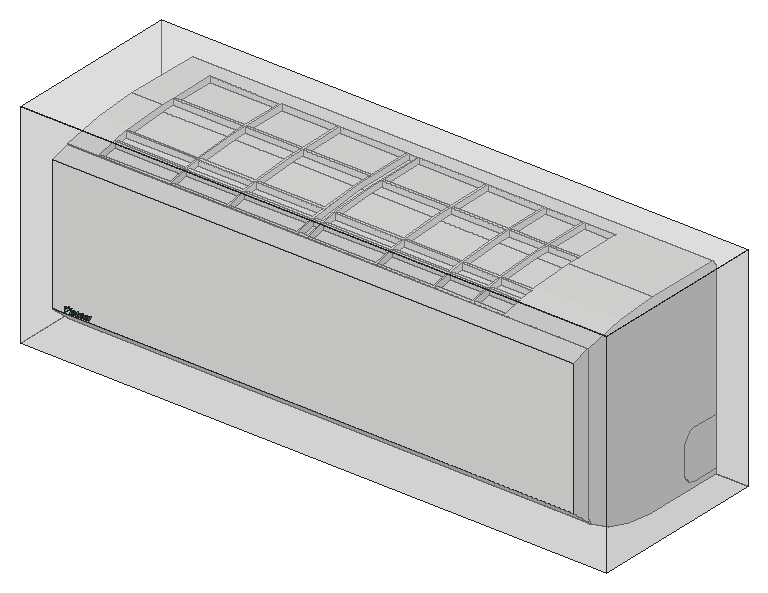
Revit family "outputfile", category 機械設備, Revit 2024
Family settings
  丸型コネクタ寸法 = 半径を使用
  パーツ タイプ = 標準
  OmniClass 番号 = 23.75.10.24.21.27.27
  OmniClass タイトル = Split System Air Conditioning Units
  作業面ベース = いいえ
  常に垂直 = はい
  ロード時にボイドで切り取り = いいえ
  注釈の向きを維持 = いいえ
  共有 = いいえ
  部屋計算ポイント = いいえ
Parameters (values of type "FTXU18XV2S")
  Description = ""
  書き出し IFC クラス(タイプ) = "IfcUnitaryEquipmentType"
  定義済み IFC タイプ(タイプ) = "AIRCONDITIONINGUNIT"
  Cost = 0
  Type Comments = ""
  Keynote = ""
  Type Image = (empty or 0)
  Assembly Code = ""
  w_wall hole = 48.0 mm  # constant formula
  製造元 = "Daikin"
  モデル = "FTXU18XV2S"
  switch_frequency = yes
  r_Liquid Pipe Size = Liquid Pipe Size / 2  # 3.2 mm
  r_Gas Pipe Size = Gas Pipe Size / 2  # 4.75 mm
  r_Drain Pipe Size = Drain Pipe Size / 2  # 8.0 mm
  lw_powersupply [instance] = if(or(Rear Right Connection_refrigerant, Bottom Right Connection_refrigerant), 49.5 mm - 20.0 mm, if(or(Rear Left Connection_refrigerant, Bottom Left Connection_refrigerant), 798.0 mm - 12.5 mm - 17.0 mm, 400.0 mm))  # 400.0 mm
  lw_liquidpipe [instance] = if(or(Rear Right Connection_refrigerant, Bottom Right Connection_refrigerant), 7.0 mm + 69.5 mm - 37.0 mm - 20.0 mm, if(or(Rear Left Connection_refrigerant, Bottom Left Connection_refrigerant), 798.0 mm - 12.5 mm - 44.0 mm - 48.0 mm, 410.0 mm - 48.0 mm))  # 362.0 mm
  lw_gaspipe [instance] = if(or(Rear Right Connection_refrigerant, Bottom Right Connection_refrigerant), 69.5 mm - 37.0 mm - 20.0 mm, if(or(Rear Left Connection_refrigerant, Bottom Left Connection_refrigerant), 798.0 mm - 12.5 mm - 37.0 mm - 48.0 mm, 350.0 mm - 48.0 mm))  # 302.0 mm
  lw_drainpipe [instance] = if(or(Rear Right Connection_refrigerant, Bottom Right Connection_refrigerant), 69.5 mm - 37.0 mm - 20.0 mm, if(or(Rear Left Connection_refrigerant, Bottom Left Connection_refrigerant), 798.0 mm - 12.5 mm - 37.0 mm - 48.0 mm, 470.0 mm - 48.0 mm))  # 422.0 mm
  l_powersupply_length [instance] = if(Right Connection_refrigerant, 400.0 mm, if(Left Connection_refrigerant, 798.0 mm - 400.0 mm, if(or(Rear Left Connection_refrigerant, Rear Right Connection_refrigerant), 15.0 mm, 50.0 mm)))  # 400.0 mm
  l_liquidpipe_length [instance] = if(Right Connection_refrigerant, 410.0 mm, if(Left Connection_refrigerant, 798.0 mm - 410.0 mm, if(or(Rear Left Connection_refrigerant, Rear Right Connection_refrigerant), 30.0 mm, 60.0 mm)))  # 410.0 mm
  l_gaspipe_length [instance] = if(Right Connection_refrigerant, 350.0 mm, if(Left Connection_refrigerant, 798.0 mm - 350.0 mm, if(or(Rear Left Connection_refrigerant, Rear Right Connection_refrigerant), 40.0 mm, 50.0 mm)))  # 350.0 mm
  l_drainpipe_length [instance] = if(Right Connection_refrigerant, 470.0 mm, if(Left Connection_refrigerant, 798.0 mm - 470.0 mm, if(or(Rear Left Connection_refrigerant, Rear Right Connection_refrigerant), 15.0 mm, 25.0 mm)))  # 470.0 mm
  h*** = 0.0 mm  # constant formula
  connector_voltage = Voltage_50Hz  # 220 V
  connector_powerinput = [Power Input (Cooling)]  # 1.580 kW
  connector_phase = Phase_50Hz  # 1
  angle_vertical [instance] = if(or(Bottom Left Connection_refrigerant, Bottom Right Connection_refrigerant), 0.00°, 90.00°)  # 90.00°
  angle_horizontal [instance] = if(Right Connection_refrigerant, 90.00°, if(Left Connection_refrigerant, -90.00°, if(or(Rear Left Connection_refrigerant, Rear Right Connection_refrigerant), 180.00°, 0.00°)))  # 90.00°
  Width = 798.0 mm
  Voltage_comment_50Hz = "220 - 240"
  Voltage_50Hz = 220 V
  Version = "ver.1.0"
  Unit Type = "Wall Mounted"
  Unit Mass Weight = 12.00 kg
  Unit Designation [instance] = ""
  Uniclass2015Version = "Products v1.30"
  Uniclass2015Title = "Split coil room air conditioning units"
  Uniclass2015Code = "Pr_70_65_03_86"
  URL = ""
  Total Heating Capacity [instance] = 0.000 kW
  Total Cooling Capacity [instance] = 0.000 kW
  Sound Pressure Level_M speed (dBA) = 43
  Sound Pressure Level_L speed (dBA) = 37
  Sound Pressure Level_H speed (dBA) = 52
  Sound Power Level_H speed (dB) = 0
  Series = "Single Split_Fan Coil Unit"
  Sensible Cooling Capacity [instance] = 0.000 kW
  Refrigerant Type = "R32"
  Power Input (Heating) = 1.450 kW
  Power Input (Cooling) = 1.580 kW
  Phase_50Hz = 1
  Option Accessory 3 [instance] = ""
  Option Accessory 2 [instance] = ""
  Option Accessory 1 [instance] = ""
  Nominal Heating Capacity = 6.000 kW
  Nominal Cooling Capacity = 5.300 kW
  Minimum Circuit Amps_50Hz = 0.0 A
  Minimum Airflow = 588.00 m³/h
  Median Airflow = 744.00 m³/h
  Maximum Fuse Amps_50Hz = 0.0 A
  Maximum Airflow = 990.00 m³/h
  Material_Casing = DAIKIN_White_Casing_indoorunit
  Load Classification = HVAC
  Liquid Pipe Size = 6.4 mm
  Link_Nested Family [instance] = ""
  IfcVersion = ""
  IfcExportType = "AIRCONDITIONINGUNIT"
  IfcExportAs = "IfcUnitaryEquipmentType"
  Height = 295.0 mm
  Heating Entering Wet Bulb Temperature [instance] = -273.15 °C
  Heating Entering Dry Bulb Temperature [instance] = -273.15 °C
  Heating Ambient Wet Bulb Temperature [instance] = -273.15 °C
  Heating Ambient Dry Bulb Temperature [instance] = -273.15 °C
  Heat Exchanger Type = "Cross Fin Coil"
  Gas Pipe Size = 9.5 mm
  Frequency_50Hz = 50 Hz
  Fan Type = "Cross Flow Fan"
  Fan Drive = "-"
  FCU Tag No. [instance] = ""
  Drain Pipe Size = 16.0 mm
  Design Supply Airflow [instance] = 0.00 m³/h
  Depth = 272.0 mm
  既定の高さ = 0.0 mm
  Cooling Entering Wet Bulb Temperature [instance] = 0.00 °C
  Cooling Entering Dry Bulb Temperature [instance] = 0.00 °C
  Cooling Ambient Wet Bulb Temperature [instance] = 0.00 °C
  Cooling Ambient Dry Bulb Temperature [instance] = 0.00 °C
  Clearance visibility [instance] = yes
  Clearance Top = 30.0 mm
  Clearance Right = 50.0 mm
  Clearance Rear = 0.0 mm
  Clearance Left = 50.0 mm
  Clearance Front = 0.0 mm
  Clearance Bottom = 0.0 mm
  Bottom Right Connection_refrigerant [instance] = no
  Bottom Left Connection_refrigerant [instance] = no
  Rear Right Connection_refrigerant [instance] = no
  Rear Left Connection_refrigerant [instance] = no
  Right Connection_refrigerant [instance] = yes
  Left Connection_refrigerant [instance] = no
Reference planes
  plane 1 "Back": y = 0
  plane 2: z = 0
  plane 3 "Center (Left/Right)": x = 0
  plane 4 "Center (Front/Back)": y = -136
  plane 5 "Front": y = -272
  plane 6 "Left": x = -399
  plane 7 "Right": x = 399
  plane 8 "Top": z = 0
  plane 9 "Bottom": z = -295
  plane 10: x = -449
  plane 11: x = 449
  plane 12: y = 0
  plane 13: y = -272
  plane 14: z = 30
  plane 15: z = -295
  plane 16 "lw_Piping and Wiring intake": x = 351
  plane 17 "lw_gaspipe": x = 49
  plane 18 "lw_liquidpipe": x = -11
  plane 19 "lw_drainpipe": x = -71
  plane 20 "lh_drainpipe": z = -270
  plane 21 "lh_liquidpipe": z = -235
  plane 22 "lh_gaspipe": z = -245
  plane 23 "ld_drainpipe": y = -15
  plane 24 "ld_liquidpipe": y = -30
  plane 25 "ld_gaspipe": y = -40
  plane 26 "lw_powersupply": x = -1
Dimensions and locks
  equal spacing: plane 6 "Left", plane 3 "Center (Left/Right)", plane 7 "Right"
  "Width": plane 6 "Left" to plane 7 "Right"
  equal spacing: plane 5 "Front", plane 4 "Center (Front/Back)", plane 1 "Back"
  "Depth": plane 5 "Front" to plane 1 "Back"
  "Height": plane 8 "Top" to plane 9 "Bottom"
  "Clearance Rear": plane 12 to plane 1 "Back"
  "Clearance Front": plane 13 to plane 5 "Front"
  "Clearance Top": plane 14 to plane 8 "Top"
  "Clearance Bottom": plane 9 "Bottom" to plane 15
  "w_wall hole": plane 16 "lw_Piping and Wiring intake" to plane 7 "Right"
  "lw_gaspipe": plane 17 "lw_gaspipe" to plane 16 "lw_Piping and Wiring intake"
  "lw_liquidpipe": plane 18 "lw_liquidpipe" to plane 16 "lw_Piping and Wiring intake"
  "lw_drainpipe": plane 19 "lw_drainpipe" to plane 16 "lw_Piping and Wiring intake"
  locked: plane 20 "lh_drainpipe" to plane 9 "Bottom" at 25
  locked: plane 21 "lh_liquidpipe" to plane 9 "Bottom" at 60
  locked: plane 22 "lh_gaspipe" to plane 9 "Bottom" at 50
  locked: plane 23 "ld_drainpipe" to plane 1 "Back" at 15
  locked: plane 1 "Back" to plane 24 "ld_liquidpipe" at 30
  locked: plane 1 "Back" to plane 25 "ld_gaspipe" at 40
  "lw_powersupply": plane 26 "lw_powersupply" to plane 7 "Right"
  "Clearance Left": plane 10 to plane 6 "Left"
  "Clearance Right": plane 7 "Right" to plane 11
  aligned and locked: level to plane 2
  aligned and locked: plane 12 to nested 1
  aligned and locked: nested 1 to plane 13
  aligned and locked: plane 10 to nested 1
  aligned and locked: plane 11 to nested 1
  aligned and locked: plane 15 to nested 1
  aligned and locked: plane 14 to nested 1
  aligned and locked: plane 17 "lw_gaspipe" to nested 2
  aligned and locked: nested 2 to plane 25 "ld_gaspipe"
  aligned and locked: plane 18 "lw_liquidpipe" to nested 3
  aligned and locked: nested 3 to plane 24 "ld_liquidpipe"
  aligned and locked: plane 19 "lw_drainpipe" to nested 4
  aligned and locked: nested 4 to plane 23 "ld_drainpipe"
  aligned and locked: nested 5 to plane 23 "ld_drainpipe"
  aligned and locked: plane 26 "lw_powersupply" to nested 5
  aligned and locked: level to plane 8 "Top"
  aligned and locked: plane 3 "Center (Left/Right)" to nested 6
  aligned and locked: plane 1 "Back" to nested 6
  aligned and locked: plane 8 "Top" to nested 6
Nested families
  nested 1: "daikin_clearancespace" at (0, -136, -132.381), show <- "Clearance visibility", visible <- "Clearance visibility", Link_Nested Family <- "Link_Nested Family", type "daikin_clearancespace"
    with width 898.0 mm, show yes, height 325.0 mm, depth 272.0 mm, Link_Nested Family ""
  nested 2: "daikin_connector_rotate3" at (49, -40, -245), angle_vertical <- "angle_vertical", angle_horizontal <- "angle_horizontal", length <- "l_gaspipe_length", radius <- "r_Gas Pipe Size", type "daikin_connector_rotate3"
    with show no, radius 4.75 mm, length 350.0 mm, angle_vertical 90.00°, angle_horizontal 90.00°
  nested 3: "daikin_connector_rotate3" at (-11, -30, -235), angle_vertical <- "angle_vertical", angle_horizontal <- "angle_horizontal", radius <- "r_Liquid Pipe Size", length <- "l_liquidpipe_length", type "daikin_connector_rotate3"
    with show no, radius 3.2 mm, length 410.0 mm, angle_vertical 90.00°, angle_horizontal 90.00°
  nested 4: "daikin_connector_rotate3" at (-71, -15, -270), angle_vertical <- "angle_vertical", angle_horizontal <- "angle_horizontal", length <- "l_drainpipe_length", radius <- "r_Drain Pipe Size", type "daikin_connector_rotate3"
    with show no, radius 8.0 mm, length 470.0 mm, angle_vertical 90.00°, angle_horizontal 90.00°
  nested 5: "daikin_connector_rotate3" at (-1, -15, -245), angle_vertical <- "angle_vertical", angle_horizontal <- "angle_horizontal", length <- "l_powersupply_length", type "daikin_connector_rotate3"
    with show no, radius 10.0 mm, length 400.0 mm, angle_vertical 90.00°, angle_horizontal 90.00°
  nested 6: "DAIKIN_indoorunit_FTXU-XV2S" at (-31, 0, 0), type "FTXU-XV2S"
Connectors
  piping at (399, -40, -245), diameter 9.5, driven by "r_Gas Pipe Size"
    settings: on nested 2, index 1, connector inside diameter 609.6 mm, connector length 0.0 mm, flow factor 0, pipe flow 0.00 m³/h, pressure drop 0.0 Pa, fitting loss kfactor 0, connector angle 0.00°, fixture units 0, engagement length 0.0 mm, angle of deflection 0.00°, flow configuration 1, flow direction 2, fitting loss method 0, system type 29, joint type 0, gender type 0, connector reference index -1, connector utility 0, adjustable connector no, is connector primary yes, connector description "Refrigerant Gas Piping"
  piping at (399, -30, -235), diameter 6.4, driven by "r_Liquid Pipe Size"
    settings: on nested 3, index 2, connector inside diameter 609.6 mm, connector length 0.0 mm, flow factor 0, pipe flow 0.00 m³/h, pressure drop 0.0 Pa, fitting loss kfactor 0, connector angle 0.00°, fixture units 0, engagement length 0.0 mm, angle of deflection 0.00°, flow configuration 1, flow direction 1, fitting loss method 0, system type 29, joint type 0, gender type 0, connector reference index -1, connector utility 0, adjustable connector no, is connector primary no, connector description "Refrigerant Liquid Piping"
  piping at (399, -15, -270), diameter 16, driven by "r_Drain Pipe Size"
    settings: on nested 4, index 3, connector inside diameter 609.6 mm, connector length 0.0 mm, flow factor 0, pipe flow 0.00 m³/h, pressure drop 0.0 Pa, fitting loss kfactor 0, connector angle 0.00°, fixture units 0, engagement length 0.0 mm, angle of deflection 0.00°, flow configuration 1, flow direction 2, fitting loss method 4, system type 16, joint type 0, gender type 0, connector reference index -1, connector utility 0, adjustable connector no, is connector primary no, connector description "Condensate Drain Piping"
  electrical at (399, -15, -245), driven by "Load Classification", driven by "connector_voltage", driven by "connector_phase", driven by "connector_powerinput"
    settings: on nested 5, index 4, voltage 220 V, apparent load 1580 VA, apparent load phase1 0 VA, apparent load phase2 0 VA, apparent load phase3 0 VA, power factor 1, load classification "HVAC", number of poles 1, system type 30, power factor state 1, is connector primary yes, connector utility no, sub classification motor no, connector description "Power Supply"
Definition of nested family "daikin_clearancespace"
  Parameters (values of type "daikin_clearancespace")
    Description = "daikin_clearancespace"
    width [instance] = 1823.963 mm
    show [instance] = yes
    material = none
    height [instance] = 1359.762 mm
    depth [instance] = 880.0 mm
    Default Elevation = 0.0 mm
    Link_Nested Family [instance] = ""
  Reference planes
    plane 1 "Center (Front/Back)": y = 0
    plane 2 "Center (Elevation)": z = -0.119
    plane 3 "Center (Left/Right)": x = 0
    plane 4: y = 440
    plane 5: y = -440
    plane 6 "Right": x = 911.982
    plane 7 "Left": x = -911.982
    plane 8 "Top": z = 679.762
    plane 9 "Bottom": z = -680
  Forms (mm)
    Extrusion 1, solid, material <- "material", visible <- "show"
      sketch origin (0, 0, 0) x (1, 0, 0) y (0, 1, 0)
        loop
          line (-911.982, 440) -> (-911.982, -440) -> (911.982, -440) -> (911.982, 440) -> (-911.982, 440)
      from -680 to 679.762
  Lines and regions (mm)
    symbolic lines, visible <- "show"
      curve 1: line (911.982, 440, 0) -> (-911.982, 440, 0)
      curve 2: line (-911.982, 440, 0) -> (-911.982, -440, 0)
      curve 3: line (-911.982, -440, 0) -> (911.982, -440, 0)
      curve 4: line (911.982, -440, 0) -> (911.982, 440, 0)
      curve 5: line (911.982, 0, 679.762) -> (-911.982, 0, 679.762)
      curve 6: line (911.982, 0, -680) -> (911.982, 0, 679.762)
      curve 7: line (-911.982, 0, -680) -> (911.982, 0, -680)
      curve 8: line (-911.982, 0, 679.762) -> (-911.982, 0, -680)
      curve 9: line (0, 440, 679.762) -> (0, -440, 679.762)
      curve 10: line (0, -440, 679.762) -> (0, -440, -680)
      curve 11: line (0, 440, -680) -> (0, 440, 679.762)
      curve 12: line (0, -440, -680) -> (0, 440, -680)
  Dimensions and locks
    "width": plane 7 "Left" to plane 6 "Right"
    "depth": plane 4 to plane 5
    "height": plane 8 "Top" to plane 9 "Bottom"
    equal spacing: plane 7 "Left", plane 3 "Center (Left/Right)", plane 6 "Right"
    equal spacing: plane 4, plane 1 "Center (Front/Back)", plane 5
    equal spacing: plane 8 "Top", plane 2 "Center (Elevation)", plane 9 "Bottom"
    aligned and locked: level to plane 2 "Center (Elevation)"
    aligned and locked: Extrusion 1 sketch curve to plane 4
    aligned and locked: plane 7 "Left" to Extrusion 1 sketch curve
    aligned and locked: Extrusion 1 sketch curve to plane 5
    aligned and locked: Extrusion 1 sketch curve to plane 6 "Right"
    aligned and locked: plane 8 "Top" to Extrusion 1
    aligned and locked: curve 1 to Extrusion 1
    aligned and locked: curve 2 to Extrusion 1
    aligned and locked: curve 3 to Extrusion 1
    aligned and locked: curve 4 to Extrusion 1
    aligned and locked: curve 5 to Extrusion 1
    aligned and locked: curve 6 to Extrusion 1
    aligned and locked: curve 7 to Extrusion 1
    aligned and locked: curve 8 to Extrusion 1
    aligned and locked: curve 9 to Extrusion 1
    aligned and locked: curve 10 to Extrusion 1
    aligned and locked: curve 11 to Extrusion 1
    aligned and locked: curve 12 to Extrusion 1
    aligned and locked: Extrusion 1 to plane 9 "Bottom"
Definition of nested family "DAIKIN_indoorunit_FTXU-XV2S"
  Parameters (values of type "FTXM-YVMA")
    Width = 798.0 mm
    Material_Casing = none
    Height = 295.0 mm
    Default Elevation = 0.0 mm
  Reference planes
    plane 1 "Center (Front/Back)": y = 0
    plane 2 "reference_level": z = 0
    plane 3 "Center (Left/Right)": x = 31
    plane 4: x = -368
    plane 5: x = 430
    plane 6: z = -295
  Forms (mm)
    Extrusion 1, solid, material <- "Material_Casing"
      sketch origin (31, 3, 0) x (0, 1, 0) y (0, 0, 1)
        loop
          arc (-247, -16.486) -> (-261.066, -20.527) -> (-275, -25) r 474.58
          line (-275, -25) -> (-275, -230.025)
          arc (-275, -230.025) -> (-259.44, -244.863) -> (-242.441, -258.03) r 209.685
          arc (-242.441, -258.03) -> (-244.659, -254.039) -> (-247, -250.12) r 146.995
          line (-247, -250.12) -> (-247, -16.486)
      from -399 to 399
    Extrusion 2, solid, material <- "Material_Casing"
      sketch origin (31, 0, 0) x (0, 1, 0) y (0, 0, 1)
        loop
          arc (-120, 0) -> (-181.959, -4.062) -> (-242.858, -16.178) r 474.58
          line (-242.858, -16.178) -> (-242.858, -25.295)
          arc (-242.858, -25.295) -> (-181.98, -12.942) -> (-120, -8.8) r 465.78
          line (-120, -8.8) -> (0, -8.8) -> (-5, 0) -> (-120, 0)
      from -399 to 399
    Extrusion 3, solid, material <- "Material_Casing"
      sketch origin (31, 0, 0) x (0, 1, 0) y (0, 0, 1)
        loop
          arc (-120, -8.8) -> (-181.98, -12.942) -> (-242.858, -25.295) r 465.78
          line (-242.858, -25.295) -> (-242.858, -251.908)
          arc (-242.858, -251.908) -> (-240.949, -255.05) -> (-239.13, -258.245) r 129.089
          arc (-239.13, -258.245) -> (-185.408, -284.796) -> (-126.358, -295) r 208.858
          line (-126.358, -295) -> (0, -295) -> (0, -8.8) -> (-120, -8.8)
      from -399 to 399
    Extrusion 4, solid, material <- "Material_Casing"
      sketch origin (0, 0, 30) x (1, 0, 0) y (0, 0, 1)
        loop
          circle (-320, -280.5) r 32.5
        loop
          circle (382, -280.5) r 32.5
      from 0 to 5
    Extrusion 5, solid, material <- "Material_Casing"
      sketch origin (425, 2327.908, 1230) x (0, 1, 0) y (0, 0, 1)
        loop
          line (-2327.908, -1516.46) -> (-2327.908, -1443.54) -> (-2367.908, -1443.54)
          arc (-2367.908, -1443.54) -> (-2382.022, -1449.386) -> (-2387.868, -1463.5) r 19.96
          line (-2387.868, -1463.5) -> (-2387.868, -1496.5)
          arc (-2387.868, -1496.5) -> (-2382.022, -1510.614) -> (-2367.908, -1516.46) r 19.96
          line (-2367.908, -1516.46) -> (-2327.908, -1516.46)
      from 0 to 5
    Extrusion 6, solid, material <- "Material_Casing"
      sketch origin (4267.2, -957.059, -295) x (0, -1, 0) y (1, 0, 0)
        loop
          line (-957.059, -4548.7) -> (-957.059, -4622.7) -> (-918.059, -4622.7)
          arc (-918.059, -4622.7) -> (-903.21, -4616.549) -> (-897.059, -4601.7) r 21
          line (-897.059, -4601.7) -> (-897.059, -4569.7)
          arc (-897.059, -4569.7) -> (-903.21, -4554.851) -> (-918.059, -4548.7) r 21
          line (-918.059, -4548.7) -> (-957.059, -4548.7)
        loop
          line (-957.059, -3849.7) -> (-957.059, -3923.7) -> (-918.059, -3923.7)
          arc (-918.059, -3923.7) -> (-903.21, -3917.549) -> (-897.059, -3902.7) r 21
          line (-897.059, -3902.7) -> (-897.059, -3870.7)
          arc (-897.059, -3870.7) -> (-903.21, -3855.851) -> (-918.059, -3849.7) r 21
          line (-918.059, -3849.7) -> (-957.059, -3849.7)
      from 0 to 5
    Extrusion 7, void
      sketch origin (0, 0, 0) x (1, 0, 0) y (0, 1, 0)
        loop
          line (-321.358, -29.239) -> (-321.358, -97.035) -> (-213.79, -97.035) -> (-213.79, -29.239) -> (-321.358, -29.239)
        loop
          line (-213.79, -100.116) -> (-321.358, -100.116) -> (-321.358, -187.035) -> (-213.79, -187.035) -> (-213.79, -100.116)
        loop
          line (-213.79, -212.533) -> (-321.358, -212.533) -> (-321.358, -239.726) -> (-213.79, -239.726) -> (-213.79, -212.533)
        loop
          line (-211.21, -29.239) -> (-211.21, -97.035) -> (-125.09, -97.035) -> (-125.09, -29.239) -> (-211.21, -29.239)
        loop
          line (-125.09, -100.116) -> (-211.21, -100.116) -> (-211.21, -187.035) -> (-125.09, -187.035) -> (-125.09, -100.116)
        loop
          line (-125.09, -212.533) -> (-211.21, -212.533) -> (-211.21, -239.726) -> (-125.09, -239.726) -> (-125.09, -212.533)
        loop
          line (-122.51, -29.239) -> (-122.51, -97.035) -> (-19.44, -97.035) -> (-19.44, -29.239) -> (-122.51, -29.239)
        loop
          line (-19.44, -100.116) -> (-122.51, -100.116) -> (-122.51, -187.035) -> (-19.44, -187.035) -> (-19.44, -100.116)
        loop
          line (-19.44, -212.533) -> (-122.51, -212.533) -> (-122.51, -239.726) -> (-19.44, -239.726) -> (-19.44, -212.533)
        loop
          line (-17.359, -29.239) -> (-17.359, -209.452) -> (-3.44, -209.452) -> (-3.44, -29.239) -> (-17.359, -29.239)
        loop
          line (-3.44, -212.533) -> (-17.359, -212.533) -> (-17.359, -239.726) -> (-3.44, -239.726) -> (-3.44, -212.533)
        loop
          line (-1.36, -29.239) -> (-1.36, -97.035) -> (101.71, -97.035) -> (101.71, -29.239) -> (-1.36, -29.239)
        loop
          line (101.71, -100.116) -> (-1.36, -100.116) -> (-1.36, -187.035) -> (101.71, -187.035) -> (101.71, -100.116)
        loop
          line (101.71, -212.533) -> (-1.36, -212.533) -> (-1.36, -239.726) -> (101.71, -239.726) -> (101.71, -212.533)
        loop
          line (104.29, -29.239) -> (104.29, -97.035) -> (190.41, -97.035) -> (190.41, -29.239) -> (104.29, -29.239)
        loop
          line (190.41, -100.116) -> (104.29, -100.116) -> (104.29, -187.035) -> (190.41, -187.035) -> (190.41, -100.116)
        loop
          line (190.41, -212.533) -> (104.29, -212.533) -> (104.29, -239.726) -> (190.41, -239.726) -> (190.41, -212.533)
        loop
          line (192.99, -29.239) -> (192.99, -97.035) -> (249.71, -97.035) -> (249.71, -29.239) -> (192.99, -29.239)
        loop
          line (249.71, -100.116) -> (192.99, -100.116) -> (192.99, -187.035) -> (249.71, -187.035) -> (249.71, -100.116)
        loop
          line (249.71, -212.533) -> (192.99, -212.533) -> (192.99, -239.726) -> (249.71, -239.726) -> (249.71, -212.533)
        loop
          line (-213.79, -190.116) -> (-321.358, -190.116) -> (-321.358, -209.452) -> (-213.79, -209.452) -> (-213.79, -190.116)
        loop
          line (-125.09, -190.116) -> (-211.21, -190.116) -> (-211.21, -209.452) -> (-125.09, -209.452) -> (-125.09, -190.116)
        loop
          line (-19.44, -190.116) -> (-122.51, -190.116) -> (-122.51, -209.452) -> (-19.44, -209.452) -> (-19.44, -190.116)
        loop
          line (101.71, -190.116) -> (-1.36, -190.116) -> (-1.36, -209.452) -> (101.71, -209.452) -> (101.71, -190.116)
        loop
          line (190.41, -190.116) -> (104.29, -190.116) -> (104.29, -209.452) -> (190.41, -209.452) -> (190.41, -190.116)
        loop
          line (249.71, -190.116) -> (192.99, -190.116) -> (192.99, -209.452) -> (249.71, -209.452) -> (249.71, -190.116)
        loop
          line (252.29, -29.239) -> (252.29, -97.035) -> (300.558, -97.035) -> (300.558, -29.239) -> (252.29, -29.239)
        loop
          line (300.558, -100.116) -> (252.29, -100.116) -> (252.29, -187.035) -> (300.558, -187.035) -> (300.558, -100.116)
        loop
          line (300.558, -212.533) -> (252.29, -212.533) -> (252.29, -239.726) -> (300.558, -239.726) -> (300.558, -212.533)
        loop
          line (300.558, -190.116) -> (252.29, -190.116) -> (252.29, -209.452) -> (300.558, -209.452) -> (300.558, -190.116)
      from -32.365 to 250
    Extrusion 8, void
      sketch origin (-187.2, 3, 30) x (0, 1, 0) y (0, 0, 1)
        loop
          arc (-242.13, -288.245) -> (-188.408, -314.796) -> (-129.358, -325) r 208.858
          line (-129.358, -325) -> (-129.358, -318.998)
          arc (-129.358, -318.998) -> (-186.626, -309.066) -> (-238.727, -283.303) r 202.858
          line (-238.727, -283.303) -> (-242.13, -288.245)
      from 480.7 to 485.501
    Extrusion 9, void
      sketch origin (-778.5, 3, 30) x (0, 1, 0) y (0, 0, 1)
        loop
          line (-238.727, -283.303) -> (-242.13, -288.245)
          arc (-242.13, -288.245) -> (-188.408, -314.796) -> (-129.358, -325) r 208.858
          line (-129.358, -325) -> (-129.358, -318.998)
          arc (-129.358, -318.998) -> (-186.626, -309.066) -> (-238.727, -283.303) r 202.858
      from 458.518 to 465.5
    Extrusion 10, solid, material <- "Material_Casing"
      sketch origin (-363, 2327.908, 1230) x (0, 1, 0) y (0, 0, -1)
        loop
          line (-2327.908, 1516.46) -> (-2367.908, 1516.46)
          arc (-2367.908, 1516.46) -> (-2382.022, 1510.614) -> (-2387.868, 1496.5) r 19.96
          line (-2387.868, 1496.5) -> (-2387.868, 1463.5)
          arc (-2387.868, 1463.5) -> (-2382.022, 1449.386) -> (-2367.908, 1443.54) r 19.96
          line (-2367.908, 1443.54) -> (-2327.908, 1443.54) -> (-2327.908, 1516.46)
      from 0 to 5
  Cuts and joins
    Extrusion 7 cuts Extrusion 2
    Extrusion 8, Extrusion 9 cuts Extrusion 3
    joined: Extrusion 2, Extrusion 3
  Lines and regions (mm)
    reference lines
      curve 1: line (-523, -271.8, -216.678) -> (-523, -271.8, -228.041)
  Dimensions and locks
    "Width": plane 5 to plane 4
    equal spacing: plane 5, plane 3 "Center (Left/Right)", plane 4
    locked: Extrusion 4 sketch curve to plane 4 at 48
    locked: plane 5 to Extrusion 4 sketch curve at 48
    level to plane 6 = 295.0 mm
    locked: Extrusion 4 sketch curve to plane 6 at 44.5  (x2)
    radius of Extrusion 4 sketch curve = 32.5 mm  (x2)
    aligned and locked: level to plane 2 "reference_level"
    aligned and locked: nested 1 to curve 1
    aligned and locked: Extrusion 1 to plane 4
    aligned and locked: plane 5 to Extrusion 1
    aligned and locked: cut or joined group of Extrusion 2, Extrusion 3, Extrusion 7, Extrusion 8, Extrusion 9 to plane 4  (x2)
    aligned and locked: plane 5 to cut or joined group of Extrusion 2, Extrusion 3, Extrusion 7, Extrusion 8, Extrusion 9  (x2)
    aligned and locked: Extrusion 2 sketch curve to plane 2 "reference_level"
    aligned and locked: Extrusion 3 sketch curve to plane 6
    aligned and locked: Extrusion 3 sketch curve to plane 1 "Center (Front/Back)"
  Automatic sketch dimensions
    Extrusion 2 sketch curve to Extrusion 2 sketch curve = 0.0 mm  (x2)
    Extrusion 2 sketch curve to plane 1 "Center (Front/Back)" = 0.0 mm
    plane 1 "Center (Front/Back)" to Extrusion 2 sketch curve = 5.0 mm
    Extrusion 2 sketch curve to Extrusion 2 sketch curve = 115.0 mm
    Extrusion 2 sketch curve to level = 16.178 mm
    Extrusion 2 sketch curve to Extrusion 2 sketch curve = 122.858 mm
    Extrusion 2 sketch curve to Extrusion 2 sketch curve = 9.117 mm
    Extrusion 3 sketch curve to level = 8.8 mm
    plane 1 "Center (Front/Back)" to Extrusion 3 sketch curve = 120.0 mm
    Extrusion 3 sketch curve to Extrusion 3 sketch curve = 0.686 mm
    plane 1 "Center (Front/Back)" to Extrusion 3 sketch curve = 126.358 mm
    Extrusion 3 sketch curve to level = 25.295 mm
    Extrusion 3 sketch curve to Extrusion 3 sketch curve = 122.858 mm
    Extrusion 3 sketch curve to plane 6 = 25.516 mm
    Extrusion 3 sketch curve to Extrusion 3 sketch curve = 109.348 mm
    plane 6 to Extrusion 3 sketch curve = 43.092 mm
    Extrusion 3 sketch curve to Extrusion 3 sketch curve = 77.419 mm
    Extrusion 5 sketch curve to plane 1 "Center (Front/Back)" = 0.0 mm
    plane 1 "Center (Front/Back)" to Extrusion 5 sketch curve = 40.0 mm  (x2)
    Extrusion 5 sketch curve to Extrusion 5 sketch curve = 19.96 mm
    plane 6 to Extrusion 5 sketch curve = 8.54 mm
    Extrusion 5 sketch curve to Extrusion 5 sketch curve = 33.0 mm
    plane 1 "Center (Front/Back)" to Extrusion 6 sketch curve = 0.0 mm  (x2)
    plane 4 to Extrusion 6 sketch curve = 12.5 mm
    Extrusion 10 sketch curve to plane 1 "Center (Front/Back)" = 0.0 mm
    plane 1 "Center (Front/Back)" to Extrusion 10 sketch curve = 40.0 mm  (x2)
    Extrusion 10 sketch curve to Extrusion 10 sketch curve = 19.96 mm
    plane 6 to Extrusion 10 sketch curve = 81.46 mm
    plane 6 to Extrusion 10 sketch curve = 28.5 mm
    Extrusion 8 sketch curve to Extrusion 8 sketch curve = 0.0 mm  (x2)
    Extrusion 8 sketch curve to plane 6 = 0.0 mm
    plane 6 to Extrusion 8 sketch curve = 36.755 mm
    plane 1 "Center (Front/Back)" to Extrusion 8 sketch curve = 239.13 mm
    plane 6 to Extrusion 8 sketch curve = 41.697 mm
    Extrusion 8 sketch curve to Extrusion 8 sketch curve = 3.403 mm
    Extrusion 8 sketch curve to level = 86.219 mm
    plane 1 "Center (Front/Back)" to Extrusion 8 sketch curve = 120.686 mm
    Extrusion 9 sketch curve to Extrusion 9 sketch curve = 0.0 mm  (x2)
    Extrusion 9 sketch curve to plane 6 = 0.0 mm
    plane 6 to Extrusion 9 sketch curve = 36.755 mm
    plane 1 "Center (Front/Back)" to Extrusion 9 sketch curve = 239.13 mm
    plane 6 to Extrusion 9 sketch curve = 41.697 mm
    Extrusion 9 sketch curve to Extrusion 9 sketch curve = 3.403 mm
    Extrusion 9 sketch curve to Extrusion 9 sketch curve = 109.369 mm
    Extrusion 9 sketch curve to level = 86.219 mm
    Extrusion 1 sketch curve to plane 6 = 32.434 mm
    plane 1 "Center (Front/Back)" to Extrusion 1 sketch curve = 120.0 mm
    plane 1 "Center (Front/Back)" to Extrusion 1 sketch curve = 119.705 mm
    Extrusion 1 sketch curve to plane 6 = 179.58 mm
    Extrusion 1 sketch curve to level = 85.894 mm
    plane 6 to Extrusion 1 sketch curve = 64.975 mm
    Extrusion 1 sketch curve to Extrusion 1 sketch curve = 97.02 mm
    Extrusion 1 sketch curve to Extrusion 1 sketch curve = 28.0 mm
    Extrusion 1 sketch curve to Extrusion 1 sketch curve = 4.559 mm
    plane 6 to Extrusion 1 sketch curve = 36.97 mm
    Extrusion 1 sketch curve to level = 25.0 mm
    plane 4 to Extrusion 7 sketch curve = 46.642 mm  (x2)
    Extrusion 7 sketch curve to Extrusion 7 sketch curve = 0.0 mm  (x49)
    Extrusion 7 sketch curve to Extrusion 7 sketch curve = 107.568 mm
    Extrusion 7 sketch curve to Extrusion 7 sketch curve = 2.58 mm  (x20)
    Extrusion 7 sketch curve to Extrusion 7 sketch curve = 86.12 mm  (x2)
    plane 1 "Center (Front/Back)" to Extrusion 7 sketch curve = 29.239 mm  (x3)
    Extrusion 7 sketch curve to plane 3 "Center (Left/Right)" = 50.44 mm
    Extrusion 7 sketch curve to Extrusion 7 sketch curve = 2.081 mm  (x2)
    Extrusion 7 sketch curve to Extrusion 7 sketch curve = 13.919 mm
    Extrusion 7 sketch curve to Extrusion 7 sketch curve = 18.08 mm
    Extrusion 7 sketch curve to Extrusion 7 sketch curve = 2.08 mm
    plane 3 "Center (Left/Right)" to Extrusion 7 sketch curve = 70.71 mm
    Extrusion 7 sketch curve to Extrusion 7 sketch curve = 56.72 mm  (x2)
    Extrusion 7 sketch curve to Extrusion 7 sketch curve = 48.268 mm
    Extrusion 7 sketch curve to Extrusion 7 sketch curve = 67.796 mm  (x2)
    plane 1 "Center (Front/Back)" to Extrusion 7 sketch curve = 97.035 mm
    Extrusion 7 sketch curve to Extrusion 7 sketch curve = 3.081 mm  (x15)
    Extrusion 7 sketch curve to Extrusion 7 sketch curve = 86.919 mm  (x3)
    Extrusion 7 sketch curve to Extrusion 7 sketch curve = 19.336 mm  (x3)
    Extrusion 7 sketch curve to Extrusion 7 sketch curve = 27.193 mm  (x6)
    plane 6 to curve 1 = 66.959 mm
    plane 1 "Center (Front/Back)" to curve 1 = 271.8 mm
    curve 1 to curve 1 = 11.362 mm
    Extrusion 7 sketch curve to Extrusion 7 sketch curve = 30.274 mm
    Extrusion 7 sketch curve to Extrusion 7 sketch curve = 22.417 mm  (x2)
    plane 1 "Center (Front/Back)" to Extrusion 6 sketch curve = 39.0 mm  (x2)
    Extrusion 6 sketch curve to Extrusion 6 sketch curve = 0.0 mm  (x2)
    Extrusion 6 sketch curve to Extrusion 6 sketch curve = 32.0 mm  (x2)
    Extrusion 6 sketch curve to Extrusion 6 sketch curve = 21.0 mm  (x2)
    Extrusion 6 sketch curve to plane 5 = 12.5 mm
  Nested families
    nested 1: "daikin_logo_plane_w40" at (-329, -271.8, -218.909) x (1, 0, 0) z (0, -1, 0), type "daikin_logo_plane_w40"
      with show_logo yes
  Definition of nested family "daikin_logo_plane_w40"
    Parameters (values of type "daikin_logo_plane_w40")
      width = 40.0 mm
      show_logo [instance] = yes
      material = none
      height = 0.0 mm
      depth = 0.0 mm
      Default Elevation = 1219.2 mm
    Reference planes
      plane 1 "Center (Front/Back)": y = 0
      plane 2: z = 0
      plane 3 "Center (Left/Right)": x = 0
      plane 4: z = 2
      plane 5 "left": x = -19
      plane 6: x = 19
    Forms (mm)
      Extrusion 1, solid, visible <- "show_logo"
        sketch origin (-19, 0, 0) x (1, 0, 0) y (0, 1, 0)
          loop
            line (8.902, -1.878) -> (7.789, -6.332) -> (11.13, -6.332)
            arc (11.13, -6.332) -> (12.454, -6.064) -> (13.472, -5.176) r 2.642
            arc (13.472, -5.176) -> (13.92, -4.02) -> (13.767, -2.79) r 2.537
            arc (13.767, -2.79) -> (13.452, -2.342) -> (12.982, -2.06) r 1.321
            arc (12.982, -2.06) -> (12.063, -1.902) -> (11.13, -1.878) r 6.479
            line (11.13, -1.878) -> (8.902, -1.878)
          loop
            line (10.016, -5.441) -> (10.907, -5.441)
            arc (10.907, -5.441) -> (11.591, -4.983) -> (11.988, -4.261) r 1.742
            spline (11.988, -4.261) -> (12.01, -4.155) -> (12.027, -4.03) -> (12.037, -3.893) -> (12.037, -3.747) -> (12.026, -3.598) -> (12.002, -3.451) -> (11.962, -3.31) -> (11.905, -3.181) -> (11.829, -3.069) -> (11.731, -2.978) -> (11.61, -2.913) -> (11.464, -2.88)
            line (11.464, -2.88) -> (10.573, -2.88) -> (10.016, -5.441)
          loop
            line (13.58, -6.332) -> (14.805, -6.332) -> (15.223, -5.553) -> (16.977, -5.553) -> (17.144, -6.332) -> (19.149, -6.332) -> (18.258, -1.878) -> (16.03, -1.878) -> (13.58, -6.332)
          loop
            line (16.476, -3.214) -> (15.76, -4.551) -> (16.762, -4.551) -> (16.476, -3.214)
          loop
            line (19.705, -6.332) -> (21.599, -6.332) -> (22.712, -1.878) -> (20.819, -1.878) -> (19.705, -6.332)
          loop
            line (22.712, -6.332) -> (24.606, -6.332) -> (24.908, -5.122) -> (25.831, -6.332) -> (28.17, -6.332) -> (26.388, -3.994) -> (28.949, -1.878) -> (26.945, -1.878) -> (25.401, -3.153) -> (25.719, -1.878) -> (23.826, -1.878) -> (22.712, -6.332)
          loop
            line (29.84, -1.878) -> (28.615, -6.332) -> (30.62, -6.332) -> (31.734, -1.878) -> (29.84, -1.878)
          loop
            line (31.734, -6.332) -> (33.07, -6.332) -> (33.7, -3.814) -> (34.518, -6.332) -> (36.745, -6.332) -> (37.859, -1.878) -> (36.523, -1.878) -> (35.845, -4.589) -> (34.963, -1.878) -> (32.847, -1.878) -> (31.734, -6.332)
        from 0 to 2
      Extrusion 2, solid, visible <- "show_logo"
        sketch origin (-19, 0, 0) x (1, 0, 0) y (0, 1, 0)
          loop
            line (8.7, 0) -> (4.235, 0) -> (0, -3.879) -> (0, -8) -> (8.7, 0)
        from 0 to 2
      Extrusion 3, solid, visible <- "show_logo"
        sketch origin (-19, 0, 0) x (1, 0, 0) y (0, 1, 0)
          loop
            line (0, 0) -> (0, -3.879) -> (4.235, 0) -> (0, 0)
        from 0 to 2
    Dimensions and locks
      plane 4 to plane 2 = 2.0 mm
      equal spacing: plane 5 "left", plane 3 "Center (Left/Right)", plane 6
      locked: plane 5 "left" to plane 6 at 38
      aligned and locked: level to plane 2
      aligned and locked: Extrusion 3 to plane 1 "Center (Front/Back)"  (x2)
      aligned and locked: Extrusion 2 to plane 1 "Center (Front/Back)"  (x2)
      aligned and locked: plane 4 to Extrusion 1
      aligned and locked: plane 4 to Extrusion 3
      aligned and locked: plane 4 to Extrusion 2
      aligned and locked: Extrusion 3 to plane 5 "left"
      aligned and locked: Extrusion 2 to plane 5 "left"
    Automatic sketch dimensions
      Extrusion 1 sketch curve to Extrusion 1 sketch curve = 0.901 mm
      Extrusion 1 sketch curve to Extrusion 1 sketch curve = 1.559 mm
      Extrusion 1 sketch curve to Extrusion 1 sketch curve = 1.327 mm
      Extrusion 1 sketch curve to Extrusion 1 sketch curve = 2.145 mm
      Extrusion 1 sketch curve to Extrusion 1 sketch curve = 1.448 mm
      Extrusion 1 sketch curve to Extrusion 1 sketch curve = 2.116 mm
      Extrusion 1 sketch curve to Extrusion 1 sketch curve = 1.114 mm  (x4)
      Extrusion 1 sketch curve to Extrusion 1 sketch curve = 1.336 mm  (x2)
      plane 1 "Center (Front/Back)" to Extrusion 1 sketch curve = 1.878 mm  (x5)
      Extrusion 1 sketch curve to Extrusion 1 sketch curve = 1.893 mm  (x5)
      Extrusion 1 sketch curve to Extrusion 1 sketch curve = 0.891 mm  (x4)
      Extrusion 1 sketch curve to Extrusion 1 sketch curve = 2.005 mm  (x3)
      Extrusion 1 sketch curve to Extrusion 1 sketch curve = 0.445 mm  (x2)
      plane 1 "Center (Front/Back)" to Extrusion 1 sketch curve = 3.994 mm
      Extrusion 1 sketch curve to Extrusion 1 sketch curve = 0.557 mm  (x2)
      Extrusion 1 sketch curve to Extrusion 1 sketch curve = 2.339 mm  (x2)
      Extrusion 1 sketch curve to Extrusion 1 sketch curve = 1.225 mm  (x3)
      plane 1 "Center (Front/Back)" to Extrusion 1 sketch curve = 3.153 mm
      Extrusion 1 sketch curve to Extrusion 1 sketch curve = 0.987 mm
      plane 1 "Center (Front/Back)" to Extrusion 1 sketch curve = 5.122 mm
      Extrusion 1 sketch curve to Extrusion 1 sketch curve = 0.922 mm
      plane 1 "Center (Front/Back)" to Extrusion 1 sketch curve = 6.332 mm
      Extrusion 1 sketch curve to Extrusion 1 sketch curve = 2.562 mm
      plane 1 "Center (Front/Back)" to Extrusion 1 sketch curve = 5.553 mm
      Extrusion 1 sketch curve to Extrusion 1 sketch curve = 0.167 mm
      Extrusion 1 sketch curve to Extrusion 1 sketch curve = 0.215 mm
      plane 1 "Center (Front/Back)" to Extrusion 1 sketch curve = 3.214 mm
      Extrusion 1 sketch curve to Extrusion 1 sketch curve = 0.286 mm
      plane 1 "Center (Front/Back)" to Extrusion 1 sketch curve = 4.551 mm
      Extrusion 1 sketch curve to Extrusion 1 sketch curve = 1.002 mm
      Extrusion 1 sketch curve to Extrusion 1 sketch curve = 0.537 mm
      Extrusion 1 sketch curve to Extrusion 1 sketch curve = 0.418 mm
      Extrusion 1 sketch curve to Extrusion 1 sketch curve = 1.028 mm
      plane 1 "Center (Front/Back)" to Extrusion 1 sketch curve = 4.261 mm
      Extrusion 1 sketch curve to Extrusion 1 sketch curve = 0.563 mm
      plane 1 "Center (Front/Back)" to Extrusion 1 sketch curve = 2.88 mm
      Extrusion 1 sketch curve to Extrusion 1 sketch curve = 1.088 mm
      Extrusion 1 sketch curve to Extrusion 1 sketch curve = 2.152 mm
      Extrusion 1 sketch curve to Extrusion 1 sketch curve = 0.586 mm
      Extrusion 1 sketch curve to Extrusion 1 sketch curve = 0.118 mm
      Extrusion 1 sketch curve to Extrusion 1 sketch curve = 0.298 mm
      Extrusion 1 sketch curve to Extrusion 1 sketch curve = 0.334 mm
      Extrusion 1 sketch curve to Extrusion 1 sketch curve = 0.223 mm
      Extrusion 1 sketch curve to Extrusion 1 sketch curve = 0.266 mm
      Extrusion 1 sketch curve to Extrusion 1 sketch curve = 1.671 mm
      Extrusion 1 sketch curve to Extrusion 1 sketch curve = 2.227 mm
      Extrusion 1 sketch curve to Extrusion 1 sketch curve = 0.0 mm  (x7)
      Extrusion 1 sketch curve to Extrusion 1 sketch curve = 3.453 mm
      Extrusion 1 sketch curve to Extrusion 1 sketch curve = 2.017 mm
      Extrusion 1 sketch curve to Extrusion 1 sketch curve = 0.78 mm  (x2)
      Extrusion 1 sketch curve to Extrusion 1 sketch curve = 1.743 mm
      Extrusion 1 sketch curve to Extrusion 1 sketch curve = 0.775 mm
      Extrusion 1 sketch curve to Extrusion 1 sketch curve = 0.552 mm
      Extrusion 1 sketch curve to Extrusion 1 sketch curve = 0.014 mm
      Extrusion 1 sketch curve to Extrusion 1 sketch curve = 0.952 mm
      Extrusion 1 sketch curve to Extrusion 1 sketch curve = 1.215 mm
      Extrusion 1 sketch curve to Extrusion 1 sketch curve = 0.108 mm
      plane 1 "Center (Front/Back)" to Extrusion 2 sketch curve = 0.0 mm
      Extrusion 2 sketch curve to plane 3 "Center (Left/Right)" = 19.0 mm
      Extrusion 2 sketch curve to plane 3 "Center (Left/Right)" = 14.765 mm
      Extrusion 2 sketch curve to Extrusion 2 sketch curve = 4.465 mm
      plane 1 "Center (Front/Back)" to Extrusion 2 sketch curve = 3.879 mm
      Extrusion 2 sketch curve to Extrusion 2 sketch curve = 4.12 mm
      plane 1 "Center (Front/Back)" to Extrusion 3 sketch curve = 0.0 mm
      Extrusion 3 sketch curve to plane 3 "Center (Left/Right)" = 19.0 mm
      Extrusion 3 sketch curve to plane 3 "Center (Left/Right)" = 14.765 mm
      plane 1 "Center (Front/Back)" to Extrusion 3 sketch curve = 3.879 mm
      Extrusion 1 sketch curve to plane 3 "Center (Left/Right)" = 11.211 mm
      Extrusion 1 sketch curve to Extrusion 1 sketch curve = 1.782 mm
Definition of nested family "daikin_connector_rotate3"
  Parameters (values of type "daikin_connector_rotate3")
    show [instance] = yes
    radius [instance] = 10.0 mm
    length [instance] = 600.0 mm
    angle_horizontal [instance] = 60.00°
    angle_vertical [instance] = 90.00°
    Default Elevation = 1219.2 mm
  Reference planes
    plane 1 "Center (Front/Back)": y = 0
    plane 2: z = 0
    plane 3 "Center (Left/Right)": x = 0
  Dimensions and locks
    "angle_horizontal": angle plane 3 "Center (Left/Right)" to nested 1
    aligned and locked: level to plane 2
    aligned and locked: plane 1 "Center (Front/Back)" to nested 1  (x2)
    aligned and locked: plane 3 "Center (Left/Right)" to nested 1
  Nested families
    nested 1: "daikin_connector_rotate2" at (0, 0, 0) x (0.5, 0.866, 0) z (0, 0, 1), angle_vertical <- "angle_vertical", length <- "length", radius <- "radius", type "daikin_connector_rotate2"
      with radius 10.0 mm, length 600.0 mm, angle_vertical 90.00°
  Definition of nested family "daikin_connector_rotate2"
    Parameters (values of type "daikin_connector_rotate2")
      show_face = yes
      radius [instance] = 10.0 mm
      length [instance] = 600.0 mm
      d_surface = 10.0 mm
      angle_vertical [instance] = 90.00°
      Default Elevation = 0.0 mm
    Reference planes
      plane 1 "Center (Front/Back)": y = 0
      plane 2: z = 0
      plane 3 "Center (Left/Right)": x = 0
    Forms (mm)
      Extrusion 1, solid, visible <- "show_face"
        sketch origin (0, -600, 0) x (1, 0, 0) y (0, 0, 1)
          loop
            circle (0, 0) r 10
        from 0 to -10
    Lines and regions (mm)
      reference lines
        curve 1: line (0, 0, 0) -> (0, -600, 0)
      symbolic lines
        curve 2: circle (0, 0, 0) r 5 normal (0, 0, 1)
      model lines, visible <- "show_face"
        curve 3: line (0, 0, 0) -> (0, -600, 0)
    Dimensions and locks
      "length": curve 1 to curve 1
      "length": curve 3 to curve 3
      "d_surface": Extrusion 1 to Extrusion 1
      "radius": radius of Extrusion 1 sketch curve
      "angle_vertical": angle curve 1 to plane 1 "Center (Front/Back)"
      "angle_vertical": angle curve 3 to plane 1 "Center (Front/Back)"
      aligned and locked: level to plane 2
      aligned and locked: plane 1 "Center (Front/Back)" to curve 1
      aligned and locked: plane 2 to curve 1
      aligned and locked: plane 1 "Center (Front/Back)" to curve 2
      aligned and locked: plane 3 "Center (Left/Right)" to curve 2
      aligned and locked: plane 1 "Center (Front/Back)" to curve 3
      aligned and locked: plane 2 to curve 3
      aligned and locked: Extrusion 1 to Extrusion 1
    Automatic sketch dimensions
      Extrusion 1 sketch curve to level = 0.0 mm
      Extrusion 1 sketch curve to plane 3 "Center (Left/Right)" = 0.0 mm
      radius of curve 2 = 5.0 mm
